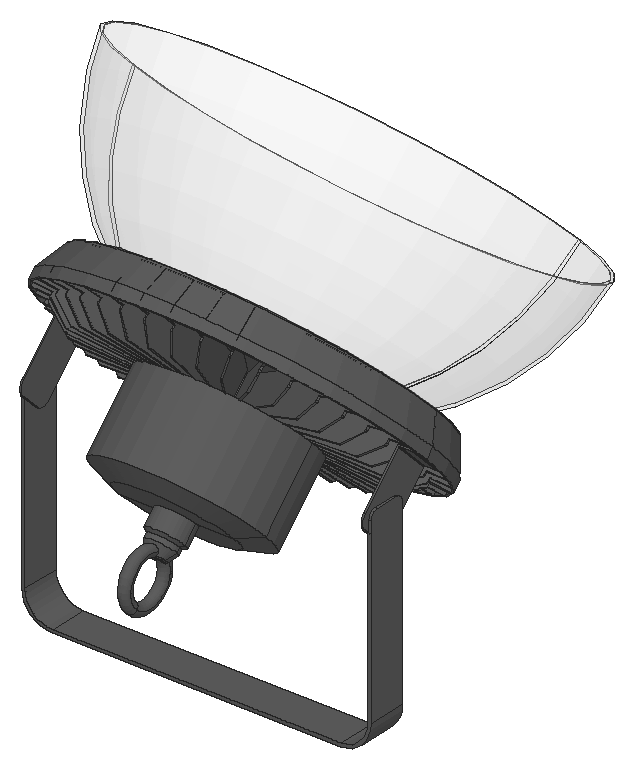
Revit family "0039364+0039355+0039361 Sylvania Lighting Fixture START HighBay IP65 DALI 26000lm 840 MB with BRACKET and PC LAMPSHADE TRANSPARENT FOR 26KLM", category Lighting Fixtures, host Face, Revit 2016
Family settings
  Host = Face
  Part Type = Normal
  Round Connector Dimension = Use Diameter
  OmniClass Number = 23.80.70.00
  OmniClass Title = Lighting
  Cut with Voids When Loaded = No
  Light Source = No
  Shared = No
  Room Calculation Point = No
Parameters (values of type "0039364+0039355+0039361  START HighBay IP65 DALI 26000lm 840 MB with BRACKET and PC LAMPSHADE TRANSPARENT FOR 26KLM")
  Weight = "3.7 kg"
  Wattage Comments = ""
  WarrantyStartDate [instance] = "n/a"
  WarrantyGuarantorParts = "n/a"
  WarrantyDurationUnit = "n/a"
  WarrantyDurationParts = "n/a"
  WarrantyDescription = "n/a"
  Voltage = 0 V
  URL = "http://www.sylvania-lighting.com"
  TypeName = "START HighBay IP65 DALI 26000lm 840 MB with BRACKET and PC LAMPSHADE TRANSPARENT FOR 26KLM"
  TypeHead_FEILO = Start LED Highbay DALI Head : 0039364+0039355+0039361 START HighBay IP65 DALI 26000lm 840 MB with BRACKET and PC LAMPSHADE TRANSPARENT FOR 26KLM
  Type Image = <None>
  Type Comments = "n/a"
  TiltAngle_FEILO [instance] = 45.00°
  ThicknessBracketPlate_FEILO = 3 mm
  SizeBracketS_FEILO = no
  SizeBracketM_FEILO = no
  SerialNumber [instance] = "n/a"
  RadiusBracketTop_FEILO = 7 mm
  RadiusBendOut_FEILO = if(SizeBracketS_FEILO, 18 mm, if(SizeBracketM_FEILO, 24 mm, 28 mm))  # 28 mm
  RadiusBendIn_FEILO = RadiusBendOut_FEILO - ThicknessBracketPlate_FEILO  # 25 mm
  Material_3_FEILO = none
  PowerFactor = 0.95
  PowerConsumption = "190 W"
  NominalLength = 339 mm
  NominalHeight = 189 mm
  NominalDepth = 339 mm
  Name = "START HighBay IP65 DALI 26000lm 840 MB with BRACKET and PC LAMPSHADE TRANSPARENT FOR 26KLM"
  ModelReference = Name  # "START HighBay IP65 DALI 26000lm 840 MB with BRACKET and PC LAMPSHADE TRANSPARENT FOR 26KLM"
  ModelNumber = "0039364+0039355+0039361"
  Model = Name  # "START HighBay IP65 DALI 26000lm 840 MB with BRACKET and PC LAMPSHADE TRANSPARENT FOR 26KLM"
  Material = "aluminium alloy housing, polycarbonate diffuser"
  ManufacturerName = "Feilo Sylvania"
  Manufacturer = "Feilo Sylvania"
  LuminousEfficacy = "130 lm/W"
  LuminaireType = ""
  LightOutputRatio = "n/a"
  LampsType = Lamp  # "LED"
  LampNominalLuminous = "24700 lm"
  LampMacAdamStep = "6"
  LampColourTemperature = "4000 K"
  LampColourRenderingIndex = "80"
  Lamp = "LED"
  Keynote = "16500"
  InstallationDate [instance] = "n/a"
  InputVoltage = "n/a"
  InputNominalFrequency = "50/60 Hz"
  IngressProtection = "IP65"
  ImpactProtectionIndex = "IK08"
  IfcExportType = "IfcLightFixtureType"
  IfcExportAs = "IfcLightFixtureType"
  ExpectedLife = 50000
  EndAngle_FEILO [instance] = TiltAngle_FEILO + 180.00°  # 225.00°
  ElectricShockClassification = "Class I"
  DurationUnit = "hours"
  DocumentationLiterature = "http://www.sylvania-lighting.com/product/en-int/products/0039364"
  DimmingControlOptions = "Dimmable"
  Material_2_FEILO = none
  Description = "START Highbay, includes 1 m cables, black aluminium housing, 24,700 Lm, 190 W, 130 Lm/W, 4000 K, drive current: 4100 mA, CRI 80, 60° beam angle, DALI dimmable, IP65, IK08, 50,000 hrs (L80/B50), (D x H) 339 x 189 mm."
  Default Elevation = 1219.2 mm
  CreatedOn = "5/15/2018"
  CreatedBy = "aron.fodor@sylvania-lighting.com"
  Cost = 0
  built-in parameter 1114216 [instance] = (empty or 0)
  ClassificationValue = "EF_70_80"
  ClassificationName = "Uniclass2015"
  Material_1_FEILO = Body-Sylvania-StartHighbay-Black
  BracketHeight_FEILO = if(SizeBracketS_FEILO, 199.5 mm, if(SizeBracketM_FEILO, 209.6 mm, 201.3 mm))  # 201.3 mm
  BracketDistanceInner_FEILO = if(SizeBracketS_FEILO, 249.4 mm, if(SizeBracketM_FEILO, 273.6 mm, 313.2 mm))  # 313.2 mm
  BarCode [instance] = "n/a"
  AssetType = "Fixed"
  AssetIdentifier [instance] = "n/a"
  Assembly Code = "D5020200"
  Apparent Load = 190 VA
  Material_4_FEILO = none
Reference planes
  plane 1 "Center (Front/Back)": y = 0
  plane 2: z = 0
  plane 3 "Center (Left/Right)": x = 0
  plane 4: x = -159.6
  plane 5: x = 159.6
  plane 6: z = 201.3
  plane 7: x = -156.6
  plane 8: z = 3
  plane 9: x = 156.6
  plane 10: y = 17.5
  plane 11: y = -17.5
  plane 12: y = -19.5
  plane 13: z = 203.3
  plane 14: y = 19.5
  plane 15: z = 192.3
Forms (mm)
  Extrusion 1, solid, material "Body-Sylvania-StartHighbay-Black" <- "Material_1_FEILO"
    sketch origin (0, 0, 0) x (1, 0, 0) y (0, 0, 1)
      loop
        line (-159.6, 201.3) -> (-159.6, 28)
        arc (-159.6, 28) -> (-151.399, 8.201) -> (-131.6, 0) r 28
        line (-131.6, 0) -> (131.6, 0)
        arc (131.6, 0) -> (151.399, 8.201) -> (159.6, 28) r 28
        line (159.6, 28) -> (159.6, 201.3) -> (156.6, 201.3) -> (156.6, 28)
        arc (156.6, 28) -> (149.278, 10.322) -> (131.6, 3) r 25
        line (131.6, 3) -> (-131.6, 3)
        arc (-131.6, 3) -> (-149.278, 10.322) -> (-156.6, 28) r 25
        line (-156.6, 28) -> (-156.6, 201.3) -> (-159.6, 201.3)
    from -17.5 to 17.5
  Extrusion 2, void
    sketch origin (0, 0, 0) x (0, 1, 0) y (0, 0, 1)
      loop
        arc (10.5, 201.3) -> (15.45, 199.25) -> (17.5, 194.3) r 7
        line (17.5, 194.3) -> (19.5, 194.3) -> (19.5, 203.3) -> (-19.5, 203.3) -> (-19.5, 194.3) -> (-17.5, 194.3)
        arc (-17.5, 194.3) -> (-15.45, 199.25) -> (-10.5, 201.3) r 7
        line (-10.5, 201.3) -> (10.5, 201.3)
    from -159.6 to 159.6
  Revolve 3, solid, not visible
    sketch origin (1223.4, -4572, 192.3) x (0, -1, 0) y (1, 0, 0)
      loop
        line (-4572, -1223.4) -> (-4591.5, -1223.4) -> (-4591.5, -1277.783) -> (-4572, -1277.783) -> (-4572, -1223.4)
      axis (-4572, -1223.4) -> (-4572, -1277.783)
    angle from 45 <- "TiltAngle_FEILO" to 225 <- "EndAngle_FEILO"
Cuts and joins
  Extrusion 2 cuts Extrusion 1
Dimensions and locks
  "BracketHeight_FEILO": plane 6 to plane 2
  equal spacing: plane 11, plane 1 "Center (Front/Back)", plane 10
  locked: plane 11 to plane 10 at 35
  equal spacing: plane 9, plane 3 "Center (Left/Right)", plane 7
  "BracketDistanceInner_FEILO": plane 9 to plane 7
  "ThicknessBracketPlate_FEILO": plane 7 to plane 4
  "ThicknessBracketPlate_FEILO": plane 8 to plane 2
  equal spacing: plane 5, plane 3 "Center (Left/Right)", plane 4
  equal spacing: plane 12, plane 1 "Center (Front/Back)", plane 14
  locked: plane 6 to plane 13 at 2
  locked: plane 12 to plane 11 at 2
  locked: plane 6 to plane 15 at 9
  "RadiusBendOut_FEILO": radius of Extrusion 1 sketch curve  (x2)
  "RadiusBendIn_FEILO": radius of Extrusion 1 sketch curve  (x2)
  "RadiusBracketTop_FEILO": radius of Extrusion 2 sketch curve  (x2)
  aligned and locked: plane 2 to host face
  aligned and locked: level to host face
  aligned and locked: Extrusion 1 sketch curve to plane 4
  aligned and locked: Extrusion 1 sketch curve to level
  aligned and locked: plane 6 to Extrusion 1 sketch curve
  aligned and locked: Extrusion 1 sketch curve to plane 6
  aligned and locked: Extrusion 1 sketch curve to plane 7
  aligned and locked: plane 9 to Extrusion 1 sketch curve
  aligned and locked: plane 8 to Extrusion 1 sketch curve
  aligned and locked: Extrusion 1 to plane 10
  aligned and locked: plane 11 to Extrusion 1
  aligned and locked: Extrusion 1 to Extrusion 2 sketch curve
  aligned and locked: plane 14 to Extrusion 2 sketch curve  (x2)
  aligned and locked: Extrusion 2 sketch curve to plane 12
  aligned and locked: plane 13 to Extrusion 2 sketch curve
  aligned and locked: plane 5 to Extrusion 2
  aligned and locked: Extrusion 2 to plane 4
  aligned and locked: Revolve 3 sketch curve to plane 1 "Center (Front/Back)"
  aligned and locked: Revolve 3 sketch curve to Revolve 3 sketch curve
  aligned and locked: plane 3 "Center (Left/Right)" to Revolve 3 sketch curve
  aligned and locked: Revolve 3 sketch curve to plane 14
  aligned and locked: nested 1 to plane 3 "Center (Left/Right)"
Automatic sketch dimensions
  host sketch curve to host sketch curve = 2438.4 mm  (x2)
  Revolve 3 sketch curve to Revolve 3 sketch curve = 54.383 mm
  Revolve 3 sketch curve to plane 4 = 1396.3 mm
  plane 5 to Revolve 3 sketch curve = 1396.3 mm
  Extrusion 1 sketch curve to Extrusion 1 sketch curve = 0 mm
  Extrusion 2 sketch curve to plane 11 = 0 mm
  Extrusion 2 sketch curve to plane 10 = 0 mm
Nested families
  nested 1: "Start LED Highbay DALI Head" at (0, 0, 192.3) x (-1, 0, 0) z (0, 0.7071, 0.7071), type <- "TypeHead_FEILO", type "0039364+0039355+0039361 START HighBay IP65 DALI 26000lm 840 MB with BRACKET and PC LAMPSHADE TRANSPARENT FOR 26KLM"
    with built-in parameter 1114216 (empty or 0)
Connectors
  electrical at (0, 0, 0), driven by "Apparent Load", driven by "PowerFactor", driven by "Voltage"
    settings: index 1, voltage 0 V, apparent load 190 VA, apparent load phase1 0 VA, apparent load phase2 0 VA, apparent load phase3 0 VA, power factor 0.95, load classification "Lighting", number of poles 1, system type 30, power factor state 1, is connector primary yes, connector utility no, sub classification motor no, connector description ""
Definition of nested family "Start LED Highbay DALI Head"
  Parameters (values of type "0039367+0039355+0039361 START HighBay IP65 DALI 26000lm 840 WB with BRACKET and PC LAMPSHADE TRANSPARENT FOR 26KLM")
    X_FEILO = if(SizeS_FEILO, 60.3 mm, if(SizeM_FEILO, 70.4 mm, 83.5 mm))  # 83.5 mm
    WidthStraight_FEILO = if(SizeS_FEILO, 3 mm, if(SizeM_FEILO, 4 mm, 4.7 mm))  # 4.7 mm
    WidthRingChamfer_FEILO = if(SizeS_FEILO, 10.3 mm, if(SizeM_FEILO, 11.2 mm, 12.9 mm))  # 12.9 mm
    WidthCurved_FEILO = if(SizeS_FEILO, 17.4 mm, if(SizeM_FEILO, 16.4 mm, 26.2 mm))  # 26.2 mm
    WidthCurvedRing_FEILO = if(SizeS_FEILO, 3 mm, if(SizeM_FEILO, 4 mm, 4.7 mm))  # 4.7 mm
    WidthBracket_FEILO = 40 mm
    Wattage Comments = ""
    Wattage = 190 W
    built-in parameter 1150110 = 1 (stored number, unit not read)
    URL = "http://www.sylvania-lighting.com"
    Type Image = (empty or 0)
    Type Comments = "n/a"
    built-in parameter 1114217 = 1 (stored number, unit not read)
    Tilt Angle = -90.00°
    ThicknessWall_FEILO = 1.5 mm
    ThicknessBracket_FEILO = 1.5 mm
    ThicknessBracketHalf_FEILO = ThicknessBracket_FEILO / 2  # 0.75 mm
    built-in parameter 1150109 = 1 (stored number, unit not read)
    built-in parameter 1150134 = 1
    built-in parameter 1150113 = 1 (stored number, unit not read)
    SizeS_FEILO = no
    SizeM_FEILO = no
    ShadeThickness_FEILO = 3 mm
    ShadeSizeSM_FEILO = or(SizeS_FEILO, SizeM_FEILO)  # no
    ShadeRadiusOut_FEILO = 205 mm
    ShadeRadiusIn_FEILO = if(ShadeSizeSM_FEILO, 95 mm, 121 mm)  # 121 mm
    ShadeRadiusBend_FEILO = if(ShadeSizeSM_FEILO, 210 mm, 210 mm)  # 210 mm
    ShadeOn_FEILO = yes
    ShadeHeight_FEILO = if(ShadeSizeSM_FEILO, 120 mm, 151 mm)  # 151 mm
    Rib4_FEILO = if(SizeS_FEILO, 18.1 mm, if(SizeM_FEILO, 13.6 mm, 14.6 mm))  # 14.6 mm
    Rib3_FEILO = if(SizeS_FEILO, 15.3 mm, if(SizeM_FEILO, 17.6 mm, 20.2 mm))  # 20.2 mm
    Rib2_FEILO = if(SizeS_FEILO, 3.6 mm, if(SizeM_FEILO, 3.9 mm, 4.5 mm))  # 4.5 mm
    Rib1_FEILO = if(SizeS_FEILO, 15.1 mm, if(SizeM_FEILO, 16.5 mm, 19 mm))  # 19 mm
    RadiusDiffuser_FEILO = if(SizeS_FEILO, 95.2 mm, if(SizeM_FEILO, 105.3 mm, 120 mm))  # 120 mm
    RadiusArrayPost_FEILO = DriverRadius_FEILO - 6 mm  # 70.4 mm
    RHRadius3_FEILO = if(SizeS_FEILO, 6.6 mm, if(SizeM_FEILO, 7.4 mm, 8.6 mm))  # 8.6 mm
    RHRadius2_FEILO = if(SizeS_FEILO, 11 mm, if(SizeM_FEILO, 12 mm, 14 mm))  # 14 mm
    RHRadius1_FEILO = if(SizeS_FEILO, 13.6 mm, if(SizeM_FEILO, 14.9 mm, 17.7 mm))  # 17.7 mm
    RHHeight4_FEILO = if(SizeS_FEILO, 7.3 mm, if(SizeM_FEILO, 8 mm, 9.2 mm))  # 9.2 mm
    RHHeight3_FEILO = if(SizeS_FEILO, 3.6 mm, if(SizeM_FEILO, 3.7 mm, 4.6 mm))  # 4.6 mm
    RHHeight2_FEILO = if(SizeS_FEILO, 2 mm, if(SizeM_FEILO, 2.2 mm, 2.6 mm))  # 2.6 mm
    RHHeight1_FEILO = if(SizeS_FEILO, 11.8 mm, if(SizeM_FEILO, 15.3 mm, 17.4 mm))  # 17.4 mm
    Photometric Web File = "0039367+0039361.ies"
    Material_5_FEILO = none
    Material_3_FEILO = none
    Model = "START HighBay IP65 DALI 26000lm 840 WB with BRACKET and PC LAMPSHADE TRANSPARENT FOR 26KLM"
    Manufacturer = "Feilo Sylvania"
    built-in parameter 1150105 = 33385.3 (stored number, unit not read)
    Lumens = 24700 lm
    built-in parameter 1150115 = 1 (stored number, unit not read)
    built-in parameter 1150137 = (empty or 0)
    built-in parameter 1150139 = (empty or 0)
    built-in parameter 1150112 = 1 (stored number, unit not read)
    built-in parameter 1150114 = 1 (stored number, unit not read)
    Lamp = "LED"
    Keynote = "16500"
    built-in parameter 1150132 = (empty or 0)
    built-in parameter 1150102 = (empty or 0)
    built-in parameter 1150107 = 6500 (stored number, unit not read)
    built-in parameter 1150138 = (empty or 0)
    built-in parameter 1150106 = 333.85 (stored number, unit not read)
    HeightRing_FEILO = if(SizeS_FEILO, 19.8 mm, if(SizeM_FEILO, 32 mm, 36.8 mm))  # 36.8 mm
    HeightRingChamfer_FEILO = if(SizeS_FEILO, 11.7 mm, if(SizeM_FEILO, 23.2 mm, 26.6 mm))  # 26.6 mm
    EyeThickness_FEILO = if(SizeS_FEILO, 8.4 mm, if(SizeM_FEILO, 9.2 mm, 10.5 mm))  # 10.5 mm
    EyeThicknessHalf_FEILO = EyeThickness_FEILO / 2  # 5.25 mm
    EyeInner_FEILO = if(SizeS_FEILO, 13.8 mm, if(SizeM_FEILO, 15.1 mm, 17.3 mm))  # 17.3 mm
    Emit from Circle Diameter = RadiusDiffuser_FEILO * 2  # 240 mm
    Emit Shape Visible in Rendering = no
    built-in parameter 1150104 = 12.077 (stored number, unit not read)
    DriverVerticalStraight_FEILO = if(SizeS_FEILO, 46.5 mm, if(SizeM_FEILO, 49.7 mm, 57 mm))  # 57 mm
    DriverVerticalChamfer_FEILO = if(SizeS_FEILO, 7.5 mm, if(SizeM_FEILO, 8.2 mm, 9.5 mm))  # 9.5 mm
    DriverRadius_FEILO = if(SizeS_FEILO, 61.4 mm, if(SizeM_FEILO, 67.2 mm, 76.4 mm))  # 76.4 mm
    DriverRadiusTop_FEILO = if(SizeS_FEILO, 42 mm, if(SizeM_FEILO, 45.3 mm, 52.4 mm))  # 52.4 mm
    DriverBottom_FEILO = if(SizeS_FEILO, 56 mm, if(SizeM_FEILO, 64.5 mm, 74 mm))  # 74 mm
    Material_2_FEILO = none
    Radius_FEILO = if(SizeS_FEILO, 135 mm, if(SizeM_FEILO, 148 mm, 169.5 mm))  # 169.5 mm
    Dimming Lamp Color Temperature Shift = (empty or 0)
    DiameterWire_FEILO = 3 mm
    DiameterWireSupport_FEILO = 10 mm
    Description = "START Highbay, includes 1 m cables, black aluminium housing, 24,700 Lm, 190 W, 130 Lm/W, 6500 K, drive current: 4100 mA, CRI 80, 90° beam angle, DALI dimmable, IP65, IK08, 50,000 hrs (L80/B50), (D x H) 339 x 189 mm."
    Default Elevation = 1219.2 mm
    Cost = 0
    Color Filter = 16777215
    built-in parameter 1114216 [instance] = (empty or 0)
    Material_1_FEILO = none
    built-in parameter 1114218 = 1 (stored number, unit not read)
    built-in parameter 1150133 = 10 (stored number, unit not read)
    Assembly Code = "D5020200"
    Apparent Load = 190 VA
    Material_4_FEILO = none
  Types (24, lengths in mm): name | X_FEILO | WidthStraight_FEILO | WidthRingChamfer_FEILO | WidthCurved_FEILO | WidthCurvedRing_FEILO | Wattage | built-in parameter 1150134 | SizeS_FEILO | SizeM_FEILO | ShadeSizeSM_FEILO | ShadeRadiusIn_FEILO | ShadeOn_FEILO | ShadeHeight_FEILO | Rib4_FEILO | Rib3_FEILO | Rib2_FEILO | Rib1_FEILO | RadiusDiffuser_FEILO | RadiusArrayPost_FEILO | RHRadius3_FEILO | RHRadius2_FEILO | RHRadius1_FEILO | RHHeight4_FEILO | RHHeight3_FEILO | RHHeight2_FEILO | RHHeight1_FEILO | Photometric Web File | Model | built-in parameter 1150105 | Lumens | built-in parameter 1150107 | built-in parameter 1150106 | HeightRing_FEILO | HeightRingChamfer_FEILO | EyeThickness_FEILO | EyeThicknessHalf_FEILO | EyeInner_FEILO | Emit from Circle Diameter | DriverVerticalStraight_FEILO | DriverVerticalChamfer_FEILO | DriverRadius_FEILO | DriverRadiusTop_FEILO | DriverBottom_FEILO | Radius_FEILO | Description | Apparent Load
    0039367+0039355+0039361 START HighBay IP65 DALI 26000lm 840 WB with BRACKET and PC LAMPSHADE TRANSPARENT FOR 26KLM | 83.5 | 4.7 | 12.9 | 26.2 | 4.7 | 190 W | 1 | no | no | no | 121 | yes | 151 | 14.6 | 20.2 | 4.5 | 19 | 120 | 70.4 | 8.6 | 14 | 17.7 | 9.2 | 4.6 | 2.6 | 17.4 | "0039367+0039361.ies" | "START HighBay IP65 DALI 26000lm 840 WB with BRACKET and PC LAMPSHADE TRANSPARENT FOR 26KLM" | 33385.3 (stored number, unit not read) | 24700 lm | 6500 (stored number, unit not read) | 333.85 (stored number, unit not read) | 36.8 | 26.6 | 10.5 | 5.25 | 17.3 | 240 | 57 | 9.5 | 76.4 | 52.4 | 74 | 169.5 | "START Highbay, includes 1 m cables, black aluminium housing, 24,700 Lm, 190 W, 130 Lm/W, 6500 K, drive current: 4100 mA, CRI 80, 90° beam angle, DALI dimmable, IP65, IK08, 50,000 hrs (L80/B50), (D x H) 339 x 189 mm." | 190 VA
    0039367+0039355+0039360 START HighBay IP65 DALI 26000lm 840 WB with BRACKET and ALU SHADE BLACK COLOR FOR 26KLM | 83.5 | 4.7 | 12.9 | 26.2 | 4.7 | 190 W | 1 | no | no | no | 121 | yes | 151 | 14.6 | 20.2 | 4.5 | 19 | 120 | 70.4 | 8.6 | 14 | 17.7 | 9.2 | 4.6 | 2.6 | 17.4 | "0039367+0039360.ies" | "START HighBay IP65 DALI 26000lm 840 WB with BRACKET and ALU SHADE BLACK COLOR FOR 26KLM" | 33569.2 (stored number, unit not read) | 24700 lm | 6500 (stored number, unit not read) | 335.69 (stored number, unit not read) | 36.8 | 26.6 | 10.5 | 5.25 | 17.3 | 240 | 57 | 9.5 | 76.4 | 52.4 | 74 | 169.5 | "START Highbay, includes 1 m cables, black aluminium housing, 24,700 Lm, 190 W, 130 Lm/W, 6500 K, drive current: 4100 mA, CRI 80, 90° beam angle, DALI dimmable, IP65, IK08, 50,000 hrs (L80/B50), (D x H) 339 x 189 mm." | 190 VA
    0039367+0039355+0039359 START HighBay IP65 DALI 26000lm 840 WB with BRACKET and ALU SHADE ALU COLOR FOR 26KLM | 83.5 | 4.7 | 12.9 | 26.2 | 4.7 | 190 W | 1 | no | no | no | 121 | yes | 151 | 14.6 | 20.2 | 4.5 | 19 | 120 | 70.4 | 8.6 | 14 | 17.7 | 9.2 | 4.6 | 2.6 | 17.4 | "0039367+0039359.ies" | "START HighBay IP65 DALI 26000lm 840 WB with BRACKET and ALU SHADE ALU COLOR FOR 26KLM" | 33569.2 (stored number, unit not read) | 24700 lm | 6500 (stored number, unit not read) | 335.69 (stored number, unit not read) | 36.8 | 26.6 | 10.5 | 5.25 | 17.3 | 240 | 57 | 9.5 | 76.4 | 52.4 | 74 | 169.5 | "START Highbay, includes 1 m cables, black aluminium housing, 24,700 Lm, 190 W, 130 Lm/W, 6500 K, drive current: 4100 mA, CRI 80, 90° beam angle, DALI dimmable, IP65, IK08, 50,000 hrs (L80/B50), (D x H) 339 x 189 mm." | 190 VA
    0039367+0039355 START HighBay IP65 DALI 26000lm 840 WB with BRACKET | 83.5 | 4.7 | 12.9 | 26.2 | 4.7 | 190 W | 1 | no | no | no | 121 | no | 151 | 14.6 | 20.2 | 4.5 | 19 | 120 | 70.4 | 8.6 | 14 | 17.7 | 9.2 | 4.6 | 2.6 | 17.4 | "0039367.ies" | "START HighBay IP65 DALI 26000lm 840 WB with BRACKET" | 13532 (stored number, unit not read) | 24700 lm | 6500 (stored number, unit not read) | 135.32 (stored number, unit not read) | 36.8 | 26.6 | 10.5 | 5.25 | 17.3 | 240 | 57 | 9.5 | 76.4 | 52.4 | 74 | 169.5 | "START Highbay, includes 1 m cables, black aluminium housing, 24,700 Lm, 190 W, 130 Lm/W, 6500 K, drive current: 4100 mA, CRI 80, 90° beam angle, DALI dimmable, IP65, IK08, 50,000 hrs (L80/B50), (D x H) 339 x 189 mm." | 190 VA
    0039366+0039354+0039358 START HighBay IP65 DALI 19000lm 840 WB with BRACKET and PC LAMPSHADE TRANSPARENT 13/19KLM | 70.4 | 4 | 11.2 | 16.4 | 4 | 150 W | 1 | no | yes | yes | 95 | yes | 120 | 13.6 | 17.6 | 3.9 | 16.5 | 105.3 | 61.2 | 7.4 | 12 | 14.9 | 8 | 3.7 | 2.2 | 15.3 | "0039366+0039358.ies" | "START HighBay IP65 DALI 19000lm 840 WB with BRACKET and PC LAMPSHADE TRANSPARENT 13/19KLM" | 26356.9 (stored number, unit not read) | 19500 lm | 6500 (stored number, unit not read) | 263.57 (stored number, unit not read) | 32 | 23.2 | 9.2 | 4.6 | 15.1 | 210.6 | 49.7 | 8.2 | 67.2 | 45.3 | 64.5 | 148 | "START Highbay, includes 1 m cables, black aluminium housing, 19,500 Lm, 150 W, 130 Lm/W, 6500 K, drive current: 3300 mA, CRI 80, 90° beam angle, DALI dimmable, IP65, IK08, 50,000 hrs (L80/B50), (D x H) 296 x 172 mm." | 150 VA
    0039366+0039354+0039357 START HighBay IP65 DALI 19000lm 840 WB with BRACKET and ALU SHADE BLACK COLOR FOR 13/19KLM | 70.4 | 4 | 11.2 | 16.4 | 4 | 150 W | 1 | no | yes | yes | 95 | yes | 120 | 13.6 | 17.6 | 3.9 | 16.5 | 105.3 | 61.2 | 7.4 | 12 | 14.9 | 8 | 3.7 | 2.2 | 15.3 | "0039366+0039357.ies" | "START HighBay IP65 DALI 19000lm 840 WB with BRACKET and ALU SHADE BLACK COLOR FOR 13/19KLM" | 26502 (stored number, unit not read) | 19500 lm | 6500 (stored number, unit not read) | 265.02 (stored number, unit not read) | 32 | 23.2 | 9.2 | 4.6 | 15.1 | 210.6 | 49.7 | 8.2 | 67.2 | 45.3 | 64.5 | 148 | "START Highbay, includes 1 m cables, black aluminium housing, 19,500 Lm, 150 W, 130 Lm/W, 6500 K, drive current: 3300 mA, CRI 80, 90° beam angle, DALI dimmable, IP65, IK08, 50,000 hrs (L80/B50), (D x H) 296 x 172 mm." | 150 VA
    0039366+0039354+0039356 START HighBay IP65 DALI 19000lm 840 WB with BRACKET and ALU SHADE ALU COLOR FOR 13/19KLM | 70.4 | 4 | 11.2 | 16.4 | 4 | 150 W | 1 | no | yes | yes | 95 | yes | 120 | 13.6 | 17.6 | 3.9 | 16.5 | 105.3 | 61.2 | 7.4 | 12 | 14.9 | 8 | 3.7 | 2.2 | 15.3 | "0039366+0039356.ies" | "START HighBay IP65 DALI 19000lm 840 WB with BRACKET and ALU SHADE ALU COLOR FOR 13/19KLM" | 26502 (stored number, unit not read) | 19500 lm | 6500 (stored number, unit not read) | 265.02 (stored number, unit not read) | 32 | 23.2 | 9.2 | 4.6 | 15.1 | 210.6 | 49.7 | 8.2 | 67.2 | 45.3 | 64.5 | 148 | "START Highbay, includes 1 m cables, black aluminium housing, 19,500 Lm, 150 W, 130 Lm/W, 6500 K, drive current: 3300 mA, CRI 80, 90° beam angle, DALI dimmable, IP65, IK08, 50,000 hrs (L80/B50), (D x H) 296 x 172 mm." | 150 VA
    0039366+0039354 START HighBay IP65 DALI 19000lm 840 WB with BRACKET | 70.4 | 4 | 11.2 | 16.4 | 4 | 150 W | 1 | no | yes | yes | 95 | no | 120 | 13.6 | 17.6 | 3.9 | 16.5 | 105.3 | 61.2 | 7.4 | 12 | 14.9 | 8 | 3.7 | 2.2 | 15.3 | "0039366.ies" | "START HighBay IP65 DALI 19000lm 840 WB with BRACKET" | 10981.5 (stored number, unit not read) | 19500 lm | 6500 (stored number, unit not read) | 109.82 (stored number, unit not read) | 32 | 23.2 | 9.2 | 4.6 | 15.1 | 210.6 | 49.7 | 8.2 | 67.2 | 45.3 | 64.5 | 148 | "START Highbay, includes 1 m cables, black aluminium housing, 19,500 Lm, 150 W, 130 Lm/W, 6500 K, drive current: 3300 mA, CRI 80, 90° beam angle, DALI dimmable, IP65, IK08, 50,000 hrs (L80/B50), (D x H) 296 x 172 mm." | 150 VA
    0039365+0039353+0039358 START HighBay IP65 DALI 13000lm 840 WB with BRACKET and PC LAMPSHADE TRANSPARENT 13/19KLM | 60.3 | 3 | 10.3 | 17.4 | 3 | 90 W | 1 | yes | no | yes | 95 | yes | 120 | 18.1 | 15.3 | 3.6 | 15.1 | 95.2 | 55.4 | 6.6 | 11 | 13.6 | 7.3 | 3.6 | 2 | 11.8 | "0039365+0039358.ies" | "START HighBay IP65 DALI 13000lm 840 WB with BRACKET and PC LAMPSHADE TRANSPARENT 13/19KLM" | 15814.1 (stored number, unit not read) | 11700 lm | 6500 (stored number, unit not read) | 158.14 (stored number, unit not read) | 19.8 | 11.7 | 8.4 | 4.2 | 13.8 | 190.4 | 46.5 | 7.5 | 61.4 | 42 | 56 | 135 | "START Highbay, includes 1 m cables, black aluminium housing, 11,700 Lm, 90 W, 130 Lm/W, 6500 K, drive current: 2000 mA, CRI 80, 90° beam angle, DALI dimmable, IP65, IK08, 50,000 hrs (L80/B50), (D x H) 270 x 175 mm." | 90 VA
    0039365+0039353+0039357 START HighBay IP65 DALI 13000lm 840 WB with BRACKET and ALU SHADE BLACK COLOR FOR 13/19KLM | 60.3 | 3 | 10.3 | 17.4 | 3 | 90 W | 1 | yes | no | yes | 95 | yes | 120 | 18.1 | 15.3 | 3.6 | 15.1 | 95.2 | 55.4 | 6.6 | 11 | 13.6 | 7.3 | 3.6 | 2 | 11.8 | "0039365+0039357.ies" | "START HighBay IP65 DALI 13000lm 840 WB with BRACKET and ALU SHADE BLACK COLOR FOR 13/19KLM" | 15901.2 (stored number, unit not read) | 11700 lm | 6500 (stored number, unit not read) | 159.01 (stored number, unit not read) | 19.8 | 11.7 | 8.4 | 4.2 | 13.8 | 190.4 | 46.5 | 7.5 | 61.4 | 42 | 56 | 135 | "START Highbay, includes 1 m cables, black aluminium housing, 11,700 Lm, 90 W, 130 Lm/W, 6500 K, drive current: 2000 mA, CRI 80, 90° beam angle, DALI dimmable, IP65, IK08, 50,000 hrs (L80/B50), (D x H) 270 x 175 mm." | 90 VA
    0039365+0039353+0039356 START HighBay IP65 DALI 13000lm 840 WB with BRACKET and ALU SHADE ALU COLOR FOR 13/19KLM | 60.3 | 3 | 10.3 | 17.4 | 3 | 90 W | 1 | yes | no | yes | 95 | yes | 120 | 18.1 | 15.3 | 3.6 | 15.1 | 95.2 | 55.4 | 6.6 | 11 | 13.6 | 7.3 | 3.6 | 2 | 11.8 | "0039365+0039356.ies" | "START HighBay IP65 DALI 13000lm 840 WB with BRACKET and ALU SHADE ALU COLOR FOR 13/19KLM" | 15901.2 (stored number, unit not read) | 11700 lm | 6500 (stored number, unit not read) | 159.01 (stored number, unit not read) | 19.8 | 11.7 | 8.4 | 4.2 | 13.8 | 190.4 | 46.5 | 7.5 | 61.4 | 42 | 56 | 135 | "START Highbay, includes 1 m cables, black aluminium housing, 11,700 Lm, 90 W, 130 Lm/W, 6500 K, drive current: 2000 mA, CRI 80, 90° beam angle, DALI dimmable, IP65, IK08, 50,000 hrs (L80/B50), (D x H) 270 x 175 mm." | 90 VA
    0039365+0039353 START HighBay IP65 DALI 13000lm 840 WB with BRACKET | 60.3 | 3 | 10.3 | 17.4 | 3 | 90 W | 1 | yes | no | yes | 95 | no | 120 | 18.1 | 15.3 | 3.6 | 15.1 | 95.2 | 55.4 | 6.6 | 11 | 13.6 | 7.3 | 3.6 | 2 | 11.8 | "0039365.ies" | "START HighBay IP65 DALI 13000lm 840 WB with BRACKET" | 6365.5 (stored number, unit not read) | 11700 lm | 6500 (stored number, unit not read) | 63.655 (stored number, unit not read) | 19.8 | 11.7 | 8.4 | 4.2 | 13.8 | 190.4 | 46.5 | 7.5 | 61.4 | 42 | 56 | 135 | "START Highbay, includes 1 m cables, black aluminium housing, 11,700 Lm, 90 W, 130 Lm/W, 6500 K, drive current: 2000 mA, CRI 80, 90° beam angle, DALI dimmable, IP65, IK08, 50,000 hrs (L80/B50), (D x H) 270 x 175 mm." | 90 VA
    0039364+0039355+0039361 START HighBay IP65 DALI 26000lm 840 MB with BRACKET and PC LAMPSHADE TRANSPARENT FOR 26KLM | 83.5 | 4.7 | 12.9 | 26.2 | 4.7 | 190 W | 12 | no | no | no | 121 | yes | 151 | 14.6 | 20.2 | 4.5 | 19 | 120 | 70.4 | 8.6 | 14 | 17.7 | 9.2 | 4.6 | 2.6 | 17.4 | "0039364+0039361.ies" | "START HighBay IP65 DALI 26000lm 840 MB with BRACKET and PC LAMPSHADE TRANSPARENT FOR 26KLM" | 33385.3 (stored number, unit not read) | 24700 lm | 4000 (stored number, unit not read) | 333.85 (stored number, unit not read) | 36.8 | 26.6 | 10.5 | 5.25 | 17.3 | 240 | 57 | 9.5 | 76.4 | 52.4 | 74 | 169.5 | "START Highbay, includes 1 m cables, black aluminium housing, 24,700 Lm, 190 W, 130 Lm/W, 4000 K, drive current: 4100 mA, CRI 80, 60° beam angle, DALI dimmable, IP65, IK08, 50,000 hrs (L80/B50), (D x H) 339 x 189 mm." | 190 VA
    0039364+0039355+0039360 START HighBay IP65 DALI 26000lm 840 MB with BRACKET and ALU SHADE BLACK COLOR FOR 26KLM | 83.5 | 4.7 | 12.9 | 26.2 | 4.7 | 190 W | 12 | no | no | no | 121 | yes | 151 | 14.6 | 20.2 | 4.5 | 19 | 120 | 70.4 | 8.6 | 14 | 17.7 | 9.2 | 4.6 | 2.6 | 17.4 | "0039364+0039360.ies" | "START HighBay IP65 DALI 26000lm 840 MB with BRACKET and ALU SHADE BLACK COLOR FOR 26KLM" | 33569.2 (stored number, unit not read) | 24700 lm | 4000 (stored number, unit not read) | 335.69 (stored number, unit not read) | 36.8 | 26.6 | 10.5 | 5.25 | 17.3 | 240 | 57 | 9.5 | 76.4 | 52.4 | 74 | 169.5 | "START Highbay, includes 1 m cables, black aluminium housing, 24,700 Lm, 190 W, 130 Lm/W, 4000 K, drive current: 4100 mA, CRI 80, 60° beam angle, DALI dimmable, IP65, IK08, 50,000 hrs (L80/B50), (D x H) 339 x 189 mm." | 190 VA
    0039364+0039355+0039359 START HighBay IP65 DALI 26000lm 840 MB with BRACKET and ALU SHADE ALU COLOR FOR 26KLM | 83.5 | 4.7 | 12.9 | 26.2 | 4.7 | 190 W | 12 | no | no | no | 121 | yes | 151 | 14.6 | 20.2 | 4.5 | 19 | 120 | 70.4 | 8.6 | 14 | 17.7 | 9.2 | 4.6 | 2.6 | 17.4 | "0039364+0039359.ies" | "START HighBay IP65 DALI 26000lm 840 MB with BRACKET and ALU SHADE ALU COLOR FOR 26KLM" | 33569.2 (stored number, unit not read) | 24700 lm | 4000 (stored number, unit not read) | 335.69 (stored number, unit not read) | 36.8 | 26.6 | 10.5 | 5.25 | 17.3 | 240 | 57 | 9.5 | 76.4 | 52.4 | 74 | 169.5 | "START Highbay, includes 1 m cables, black aluminium housing, 24,700 Lm, 190 W, 130 Lm/W, 4000 K, drive current: 4100 mA, CRI 80, 60° beam angle, DALI dimmable, IP65, IK08, 50,000 hrs (L80/B50), (D x H) 339 x 189 mm." | 190 VA
    0039364+0039355 START HighBay IP65 DALI 26000lm 840 MB with BRACKET | 83.5 | 4.7 | 12.9 | 26.2 | 4.7 | 190 W | 12 | no | no | no | 121 | no | 151 | 14.6 | 20.2 | 4.5 | 19 | 120 | 70.4 | 8.6 | 14 | 17.7 | 9.2 | 4.6 | 2.6 | 17.4 | "0039364.ies" | "START HighBay IP65 DALI 26000lm 840 MB with BRACKET" | 26901.8 (stored number, unit not read) | 24700 lm | 4000 (stored number, unit not read) | 269.02 (stored number, unit not read) | 36.8 | 26.6 | 10.5 | 5.25 | 17.3 | 240 | 57 | 9.5 | 76.4 | 52.4 | 74 | 169.5 | "START Highbay, includes 1 m cables, black aluminium housing, 24,700 Lm, 190 W, 130 Lm/W, 4000 K, drive current: 4100 mA, CRI 80, 60° beam angle, DALI dimmable, IP65, IK08, 50,000 hrs (L80/B50), (D x H) 339 x 189 mm." | 190 VA
    0039363+0039354+0039358 START HighBay IP65 DALI 19000lm 840 MB with BRACKET and PC LAMPSHADE TRANSPARENT 13/19KLM | 70.4 | 4 | 11.2 | 16.4 | 4 | 150 W | 12 | no | yes | yes | 95 | yes | 120 | 13.6 | 17.6 | 3.9 | 16.5 | 105.3 | 61.2 | 7.4 | 12 | 14.9 | 8 | 3.7 | 2.2 | 15.3 | "0039363+0039358.ies" | "START HighBay IP65 DALI 19000lm 840 MB with BRACKET and PC LAMPSHADE TRANSPARENT 13/19KLM" | 26356.9 (stored number, unit not read) | 19500 lm | 4000 (stored number, unit not read) | 263.57 (stored number, unit not read) | 32 | 23.2 | 9.2 | 4.6 | 15.1 | 210.6 | 49.7 | 8.2 | 67.2 | 45.3 | 64.5 | 148 | "START Highbay, includes 1 m cables, black aluminium housing, 19,500 Lm, 150 W, 130 Lm/W, 4000 K, drive current: 3300 mA, CRI 80, 60° beam angle, DALI dimmable, IP65, IK08, 50,000 hrs (L80/B50), (D x H) 296 x 172 mm." | 150 VA
    0039363+0039354+0039357 START HighBay IP65 DALI 19000lm 840 MB with BRACKET and ALU SHADE BLACK COLOR FOR 13/19KLM | 70.4 | 4 | 11.2 | 16.4 | 4 | 150 W | 12 | no | yes | yes | 95 | yes | 120 | 13.6 | 17.6 | 3.9 | 16.5 | 105.3 | 61.2 | 7.4 | 12 | 14.9 | 8 | 3.7 | 2.2 | 15.3 | "0039363+0039357.ies" | "START HighBay IP65 DALI 19000lm 840 MB with BRACKET and ALU SHADE BLACK COLOR FOR 13/19KLM" | 26502 (stored number, unit not read) | 19500 lm | 4000 (stored number, unit not read) | 265.02 (stored number, unit not read) | 32 | 23.2 | 9.2 | 4.6 | 15.1 | 210.6 | 49.7 | 8.2 | 67.2 | 45.3 | 64.5 | 148 | "START Highbay, includes 1 m cables, black aluminium housing, 19,500 Lm, 150 W, 130 Lm/W, 4000 K, drive current: 3300 mA, CRI 80, 60° beam angle, DALI dimmable, IP65, IK08, 50,000 hrs (L80/B50), (D x H) 296 x 172 mm." | 150 VA
    0039363+0039354+0039356 START HighBay IP65 DALI 19000lm 840 MB with BRACKET and ALU SHADE ALU COLOR FOR 13/19KLM | 70.4 | 4 | 11.2 | 16.4 | 4 | 150 W | 12 | no | yes | yes | 95 | yes | 120 | 13.6 | 17.6 | 3.9 | 16.5 | 105.3 | 61.2 | 7.4 | 12 | 14.9 | 8 | 3.7 | 2.2 | 15.3 | "0039363+0039356.ies" | "START HighBay IP65 DALI 19000lm 840 MB with BRACKET and ALU SHADE ALU COLOR FOR 13/19KLM" | 26502 (stored number, unit not read) | 19500 lm | 4000 (stored number, unit not read) | 265.02 (stored number, unit not read) | 32 | 23.2 | 9.2 | 4.6 | 15.1 | 210.6 | 49.7 | 8.2 | 67.2 | 45.3 | 64.5 | 148 | "START Highbay, includes 1 m cables, black aluminium housing, 19,500 Lm, 150 W, 130 Lm/W, 4000 K, drive current: 3300 mA, CRI 80, 60° beam angle, DALI dimmable, IP65, IK08, 50,000 hrs (L80/B50), (D x H) 296 x 172 mm." | 150 VA
    0039363+0039354 START HighBay IP65 DALI 19000lm 840 MB with BRACKET | 70.4 | 4 | 11.2 | 16.4 | 4 | 150 W | 12 | no | yes | yes | 95 | no | 120 | 13.6 | 17.6 | 3.9 | 16.5 | 105.3 | 61.2 | 7.4 | 12 | 14.9 | 8 | 3.7 | 2.2 | 15.3 | "0039363.ies" | "START HighBay IP65 DALI 19000lm 840 MB with BRACKET" | 22125.4 (stored number, unit not read) | 19500 lm | 4000 (stored number, unit not read) | 221.25 (stored number, unit not read) | 32 | 23.2 | 9.2 | 4.6 | 15.1 | 210.6 | 49.7 | 8.2 | 67.2 | 45.3 | 64.5 | 148 | "START Highbay, includes 1 m cables, black aluminium housing, 19,500 Lm, 150 W, 130 Lm/W, 4000 K, drive current: 3300 mA, CRI 80, 60° beam angle, DALI dimmable, IP65, IK08, 50,000 hrs (L80/B50), (D x H) 296 x 172 mm." | 150 VA
    0039362+0039353+0039358 START HighBay IP65 DALI 13000lm 840 MB with BRACKET and PC LAMPSHADE TRANSPARENT 13/19KLM | 60.3 | 3 | 10.3 | 17.4 | 3 | 90 W | 12 | yes | no | yes | 95 | yes | 120 | 18.1 | 15.3 | 3.6 | 15.1 | 95.2 | 55.4 | 6.6 | 11 | 13.6 | 7.3 | 3.6 | 2 | 11.8 | "0039362+0039358.ies" | "START HighBay IP65 DALI 13000lm 840 MB with BRACKET and PC LAMPSHADE TRANSPARENT 13/19KLM" | 15814.1 (stored number, unit not read) | 11700 lm | 4000 (stored number, unit not read) | 158.14 (stored number, unit not read) | 19.8 | 11.7 | 8.4 | 4.2 | 13.8 | 190.4 | 46.5 | 7.5 | 61.4 | 42 | 56 | 135 | "START Highbay, includes 1 m cables, black aluminium housing, 11,700 Lm, 90 W, 130 Lm/W, 4000 K, drive current: 2000 mA, CRI 80, 60° beam angle, DALI dimmable, IP65, IK08, 50,000 hrs (L80/B50), (D x H) 270 x 175 mm." | 90 VA
    0039362+0039353+0039357 START HighBay IP65 DALI 13000lm 840 MB with BRACKET and ALU SHADE BLACK COLOR FOR 13/19KLM | 60.3 | 3 | 10.3 | 17.4 | 3 | 90 W | 12 | yes | no | yes | 95 | yes | 120 | 18.1 | 15.3 | 3.6 | 15.1 | 95.2 | 55.4 | 6.6 | 11 | 13.6 | 7.3 | 3.6 | 2 | 11.8 | "0039362+0039357.ies" | "START HighBay IP65 DALI 13000lm 840 MB with BRACKET and ALU SHADE BLACK COLOR FOR 13/19KLM" | 15901.2 (stored number, unit not read) | 11700 lm | 4000 (stored number, unit not read) | 159.01 (stored number, unit not read) | 19.8 | 11.7 | 8.4 | 4.2 | 13.8 | 190.4 | 46.5 | 7.5 | 61.4 | 42 | 56 | 135 | "START Highbay, includes 1 m cables, black aluminium housing, 11,700 Lm, 90 W, 130 Lm/W, 4000 K, drive current: 2000 mA, CRI 80, 60° beam angle, DALI dimmable, IP65, IK08, 50,000 hrs (L80/B50), (D x H) 270 x 175 mm." | 90 VA
    0039362+0039353+0039356 START HighBay IP65 DALI 13000lm 840 MB with BRACKET and ALU SHADE ALU COLOR FOR 13/19KLM | 60.3 | 3 | 10.3 | 17.4 | 3 | 90 W | 12 | yes | no | yes | 95 | yes | 120 | 18.1 | 15.3 | 3.6 | 15.1 | 95.2 | 55.4 | 6.6 | 11 | 13.6 | 7.3 | 3.6 | 2 | 11.8 | "0039362+0039356.ies" | "START HighBay IP65 DALI 13000lm 840 MB with BRACKET and ALU SHADE ALU COLOR FOR 13/19KLM" | 15901.2 (stored number, unit not read) | 11700 lm | 4000 (stored number, unit not read) | 159.01 (stored number, unit not read) | 19.8 | 11.7 | 8.4 | 4.2 | 13.8 | 190.4 | 46.5 | 7.5 | 61.4 | 42 | 56 | 135 | "START Highbay, includes 1 m cables, black aluminium housing, 11,700 Lm, 90 W, 130 Lm/W, 4000 K, drive current: 2000 mA, CRI 80, 60° beam angle, DALI dimmable, IP65, IK08, 50,000 hrs (L80/B50), (D x H) 270 x 175 mm." | 90 VA
    0039362+0039353 START HighBay IP65 DALI 13000lm 840 MB with BRACKET | 60.3 | 3 | 10.3 | 17.4 | 3 | 90 W | 12 | yes | no | yes | 95 | no | 120 | 18.1 | 15.3 | 3.6 | 15.1 | 95.2 | 55.4 | 6.6 | 11 | 13.6 | 7.3 | 3.6 | 2 | 11.8 | "0039362.ies" | "START HighBay IP65 DALI 13000lm 840 MB with BRACKET" | 13336.9 (stored number, unit not read) | 11700 lm | 4000 (stored number, unit not read) | 133.37 (stored number, unit not read) | 19.8 | 11.7 | 8.4 | 4.2 | 13.8 | 190.4 | 46.5 | 7.5 | 61.4 | 42 | 56 | 135 | "START Highbay, includes 1 m cables, black aluminium housing, 11,700 Lm, 90 W, 130 Lm/W, 4000 K, drive current: 2000 mA, CRI 80, 60° beam angle, DALI dimmable, IP65, IK08, 50,000 hrs (L80/B50), (D x H) 270 x 175 mm." | 90 VA
  Reference planes
    plane 1 "Center (Front/Back)": y = 0
    plane 2: z = 0
    plane 3 "Center (Left/Right)": x = 0
    plane 4: z = 83.5
    plane 5: x = -169.5
    plane 6: x = -156.6
    plane 7: z = 56.9
    plane 8: z = 46.7
    plane 9: x = -151.9
    plane 10: z = 80.875
    plane 11: x = -125.7
    plane 12: x = -120
    plane 13: x = -147.2
    plane 14: z = 81.875
    plane 15: z = 79.875
    plane 16: x = -117
    plane 17: z = 78.875
    plane 18: x = -168
    plane 19: x = -150.5
    plane 20: z = 42.2
    plane 21: x = -130.3
    plane 22: z = 27.6
    plane 23: x = -20
    plane 24: z = 9.5
    plane 25: x = -76.4
    plane 26: z = -47.5
    plane 27: x = -52.4
    plane 28: z = -57
    plane 29: x = -17.7
    plane 30: z = -74.4
    plane 31: z = -77
    plane 32: x = -14
    plane 33: z = -81.6
    plane 34: z = -90.8
    plane 35: x = -8.6
    plane 36: z = -108.1
    plane 37: z = -125.4
    plane 38: x = 5.25
    plane 39: x = -5.25
    plane 40: z = -135.9
    plane 41: z = -130.65
    plane 42: x = -162.3
    plane 43: x = -167
    plane 44: z = 45.2
    plane 45: x = -155.1
    plane 46: z = -19
    plane 47: y = -20
    plane 48: y = 20
    plane 49: x = 169.5
    plane 50: x = 156.6
    plane 51: x = 168
    plane 52: x = 162.3
    plane 53: x = 167
    plane 54: x = 155.1
    plane 55: x = -205
    plane 56: z = 234.5
    plane 57: x = -121
    plane 58: x = -113
    plane 59: x = -202
    plane 60: z = 86.5
  Forms (mm)
    Extrusion 1, solid
      sketch origin (4.2, 0, 0) x (1, 0, 0) y (0, 1, 0)
        loop
          line (-1219.2, 1219.2) -> (-1219.2, -1219.2) -> (1219.2, -1219.2) -> (1219.2, 1219.2) -> (-1219.2, 1219.2)
      from 0 to -68.017
    Revolve 2, solid, material <- "Material_1_FEILO", detail levels medium+fine
      sketch origin (0, 0, 0) x (1, 0, 0) y (0, 0, 1)
        loop
          line (-169.5, 46.7) -> (-168, 46.7) -> (-168, 56.555) -> (-156.206, 80.875) -> (-147.2, 80.875) -> (-147.2, 82.637)
          arc (-147.2, 82.637) -> (-149.554, 83.047) -> (-151.9, 83.5) r 132.063
          line (-151.9, 83.5) -> (-156.141, 83.5)
          arc (-156.141, 83.5) -> (-156.63, 83.326) -> (-156.899, 82.883) r 0.774
          line (-156.899, 82.883) -> (-169.5, 56.9) -> (-169.5, 46.7)
        axis (0, 83.5) -> (0, 46.7)
      angle from 360 to 0
    Revolve 3, solid, material <- "Material_1_FEILO", detail levels medium+fine
      sketch origin (0, 0, 0) x (1, 0, 0) y (0, 0, 1)
        loop
          line (-125.7, 78.875) -> (-120, 78.875) -> (-120, 56.9) -> (0, 56.9) -> (0, 78.875) -> (-117, 78.875) -> (-117, 79.875) -> (-120, 79.875) -> (-120, 80.875) -> (-125.7, 80.875) -> (-125.7, 78.875)
        axis (0, 80.875) -> (0, 56.9)
      angle from 360 to 0
    Revolve 4, solid, material <- "Material_2_FEILO", detail levels medium+fine
      sketch origin (0, 0, 0) x (1, 0, 0) y (0, 0, 1)
        loop
          line (-120, 79.875) -> (0, 79.875) -> (0, 81.875) -> (-120, 81.875) -> (-120, 79.875)
        axis (0, 81.875) -> (0, 79.875)
      angle from 360 to 0
    Revolve 5, solid, material <- "Material_1_FEILO"
      sketch origin (0, 0, 0) x (1, 0, 0) y (0, 0, 1)
        loop
          line (-76.4, 27.6) -> (-76.4, -47.5) -> (-52.4, -57) -> (-17.7, -57) -> (-17.7, -74.4) -> (-14, -77) -> (-14, -81.6) -> (-9.037, -90.074)
          arc (-9.037, -90.074) -> (-8.49, -90.606) -> (-7.753, -90.8) r 1.5
          line (-7.753, -90.8) -> (0, -90.8) -> (0, 27.6) -> (-76.4, 27.6)
        axis (0, 27.6) -> (0, -90.8)
      angle from 360 to 0
    Revolve 6, solid, material <- "Material_1_FEILO"
      sketch origin (0, 0, 0) x (1, 0, 0) y (0, 0, 1)
        loop
          circle (0, -130.65) r 5.25
        axis (5.25, -108.1) -> (-5.25, -108.1)
      angle from 360 to 0
    Extrusion 7, solid, material <- "Material_1_FEILO"
      sketch origin (0, 0, 0) x (1, 0, 0) y (0, 0, 1)
        loop
          line (-167, 46.7) -> (-167, 45.2) -> (-157.35, 45.2)
          arc (-157.35, 45.2) -> (-156.82, 44.98) -> (-156.6, 44.45) r 0.75
          line (-156.6, 44.45) -> (-156.6, -19) -> (-155.1, -19) -> (-155.1, 45.2)
          arc (-155.1, 45.2) -> (-155.539, 46.261) -> (-156.6, 46.7) r 1.5
          line (-156.6, 46.7) -> (-167, 46.7)
        loop
          line (167, 46.7) -> (156.6, 46.7)
          arc (156.6, 46.7) -> (155.539, 46.261) -> (155.1, 45.2) r 1.5
          line (155.1, 45.2) -> (155.1, -19) -> (156.6, -19) -> (156.6, 44.45)
          arc (156.6, 44.45) -> (156.82, 44.98) -> (157.35, 45.2) r 0.75
          line (157.35, 45.2) -> (167, 45.2) -> (167, 46.7)
      from -20 to 20
    Extrusion 8, void
      sketch origin (0, 0, 0) x (0, 1, 0) y (0, 0, 1)
        loop
          arc (-10, -19) -> (-17.071, -16.071) -> (-20, -9) r 10
          line (-20, -9) -> (-25, -9) -> (-25, -24) -> (-10, -24) -> (-10, -19)
        loop
          line (10, -19) -> (10, -24) -> (25, -24) -> (25, -9) -> (20, -9)
          arc (20, -9) -> (17.071, -16.071) -> (10, -19) r 10
      from -156.6 to 156.6
    Revolve 9, solid, material <- "Material_1_FEILO", detail levels coarse
      sketch origin (0, 0, 0) x (1, 0, 0) y (0, 0, 1)
        loop
          line (0, 83.5) -> (-156.6, 83.5) -> (-169.5, 56.9) -> (-169.5, 46.7) -> (-150.5, 46.7) -> (-150.5, 42.2) -> (-130.3, 27.6) -> (0, 27.6) -> (0, 83.5)
        axis (0, 83.5) -> (0, 27.6)
      angle from 360 to 0
    Revolve 10, solid, material <- "Material_4_FEILO", visible <- "ShadeOn_FEILO"
      sketch origin (0, 0, 0) x (1, 0, 0) y (0, 0, 1)
        loop
          line (-121, 83.5) -> (-113, 83.5) -> (-113, 86.5) -> (-120.341, 86.5)
          arc (-120.341, 86.5) -> (-177.055, 151.769) -> (-202.193, 234.5) r 207.203
          line (-202.193, 234.5) -> (-205, 234.5)
          arc (-205, 234.5) -> (-179.25, 149.96) -> (-121, 83.5) r 210
        axis (0, 234.5) -> (0, 83.5)
      angle from 360 to 0
  Cuts and joins
    Extrusion 8 cuts Extrusion 7
  Lines and regions (mm)
    reference lines
      curve 1: line (-169.5, 0, 56.9) -> (-156.6, 0, 83.5)
      curve 2: line (-125.7, 0, 80.875) -> (0, 0, 80.875)
      curve 3: arc (-125.7, 0, 80.875) -> (-138.866, 0, 81.533) -> (-151.9, 0, 83.5) r 132.063
      curve 4: line (-156.6, 0, 83.5) -> (-151.9, 0, 83.5)
      curve 5: line (-156.206, 0, 80.875) -> (-168, 0, 56.555)
      curve 6: line (-150.5, 0, 42.2) -> (-130.3, 0, 27.6)
      curve 7: line (-14, 0, -81.6) -> (-8.6, 0, -90.8)
      curve 8: circle (0, 0, -130.65) r 5.25 normal (0, -1, 0)
      curve 9: arc (-121, 0, 83.5) -> (-179.25, 0, 149.96) -> (-205, 0, 234.5) r 210
  Dimensions and locks
    "Radius_FEILO": plane 3 "Center (Left/Right)" to plane 5
    "WidthRingChamfer_FEILO": plane 6 to plane 5
    "WidthStraight_FEILO": plane 9 to plane 6
    "WidthCurvedRing_FEILO": plane 13 to plane 9
    locked: plane 10 to plane 15 at 1
    locked: plane 14 to plane 10 at 1
    locked: plane 4 to plane 10 at 2.625
    locked: plane 15 to plane 17 at 1
    "ThicknessWall_FEILO": plane 18 to plane 5
    "ThicknessWall_FEILO": curve 5 to curve 1
    "HeightRingChamfer_FEILO": plane 4 to plane 7
    "HeightRing_FEILO": plane 4 to plane 8
    "RadiusDiffuser_FEILO": plane 3 "Center (Left/Right)" to plane 12
    locked: plane 16 to plane 12 at 3
    "WidthCurved_FEILO": plane 11 to plane 9
    "X_FEILO": plane 4 to plane 2
    "Rib1_FEILO": plane 19 to plane 5
    "Rib2_FEILO": plane 8 to plane 20
    "Rib3_FEILO": plane 21 to plane 19
    "Rib4_FEILO": plane 20 to plane 22
    locked: plane 3 "Center (Left/Right)" to plane 23 at 20
    "DriverBottom_FEILO": plane 4 to plane 24
    "DriverRadius_FEILO": plane 3 "Center (Left/Right)" to plane 25
    "DriverVerticalStraight_FEILO": plane 24 to plane 26
    "DriverRadiusTop_FEILO": plane 3 "Center (Left/Right)" to plane 27
    "DriverVerticalChamfer_FEILO": plane 26 to plane 28
    "RHRadius1_FEILO": plane 3 "Center (Left/Right)" to plane 29
    "RHHeight2_FEILO": plane 30 to plane 31
    "RHRadius2_FEILO": plane 3 "Center (Left/Right)" to plane 32
    "RHHeight3_FEILO": plane 31 to plane 33
    "RHHeight4_FEILO": plane 33 to plane 34
    "RHRadius3_FEILO": plane 3 "Center (Left/Right)" to plane 35
    "RHHeight1_FEILO": plane 28 to plane 30
    "EyeInner_FEILO": plane 34 to plane 36
    "EyeInner_FEILO": plane 36 to plane 37
    equal spacing: plane 38, plane 3 "Center (Left/Right)", plane 39
    "EyeThickness_FEILO": plane 38 to plane 39
    "EyeThickness_FEILO": plane 37 to plane 40
    equal spacing: plane 37, plane 41, plane 40
    equal spacing: plane 6, plane 42, plane 18
    "ThicknessBracket_FEILO": plane 45 to plane 6
    "ThicknessBracket_FEILO": plane 8 to plane 44
    locked: plane 43 to plane 18 at 1
    equal spacing: plane 24, plane 46, plane 26
    equal spacing: plane 47, plane 1 "Center (Front/Back)", plane 48
    "WidthBracket_FEILO": plane 47 to plane 48
    "WidthRingChamfer_FEILO": plane 50 to plane 49
    "ThicknessWall_FEILO": plane 51 to plane 49
    equal spacing: plane 50, plane 52, plane 51
    "ThicknessBracket_FEILO": plane 54 to plane 50
    locked: plane 53 to plane 51 at 1
    "Radius_FEILO": plane 49 to plane 3 "Center (Left/Right)"
    "ShadeRadiusOut_FEILO": plane 3 "Center (Left/Right)" to plane 55
    "ShadeHeight_FEILO": plane 56 to plane 4
    "ShadeRadiusIn_FEILO": plane 3 "Center (Left/Right)" to plane 57
    locked: plane 58 to plane 57 at 8
    "ShadeThickness_FEILO": plane 60 to plane 4
    "ShadeThickness_FEILO": plane 59 to plane 55
    "EyeThicknessHalf_FEILO": radius of curve 8
    "ThicknessBracket_FEILO": radius of Extrusion 7 sketch curve  (x2)
    "ThicknessBracketHalf_FEILO": radius of Extrusion 7 sketch curve  (x2)
    "ShadeRadiusBend_FEILO": radius of curve 9
    aligned and locked: plane 2 to Extrusion 1
    aligned and locked: level to Extrusion 1
    aligned and locked: plane 5 to curve 1
    aligned and locked: plane 6 to curve 1
    aligned and locked: plane 7 to curve 1
    aligned and locked: plane 10 to curve 2
    aligned and locked: plane 9 to curve 3
    aligned and locked: plane 4 to curve 3
    aligned and locked: plane 11 to curve 3
    aligned and locked: plane 4 to curve 4
    aligned and locked: plane 18 to curve 5
    aligned and locked: plane 10 to curve 5
    aligned and locked: Revolve 2 sketch curve to plane 3 "Center (Left/Right)"
    aligned and locked: Revolve 2 sketch curve to curve 3
    aligned and locked: Revolve 2 sketch curve to curve 1
    aligned and locked: plane 4 to Revolve 2 sketch curve
    aligned and locked: plane 9 to Revolve 2 sketch curve
    aligned and locked: Revolve 2 sketch curve to plane 13
    aligned and locked: Revolve 2 sketch curve to plane 10
    aligned and locked: plane 13 to Revolve 2 sketch curve
    aligned and locked: plane 10 to Revolve 2 sketch curve
    aligned and locked: Revolve 2 sketch curve to plane 18
    aligned and locked: Revolve 2 sketch curve to plane 8
    aligned and locked: plane 5 to Revolve 2 sketch curve  (x2)
    aligned and locked: Revolve 3 sketch curve to plane 3 "Center (Left/Right)"
    aligned and locked: plane 11 to Revolve 3 sketch curve
    aligned and locked: Revolve 3 sketch curve to curve 2
    aligned and locked: plane 15 to Revolve 3 sketch curve
    aligned and locked: Revolve 3 sketch curve to plane 16
    aligned and locked: plane 17 to Revolve 3 sketch curve  (x2)
    aligned and locked: Revolve 3 sketch curve to plane 12
    aligned and locked: plane 7 to Revolve 3 sketch curve
    aligned and locked: Revolve 4 sketch curve to plane 3 "Center (Left/Right)"
    aligned and locked: Revolve 4 sketch curve to plane 14
    aligned and locked: plane 3 "Center (Left/Right)" to Revolve 4 sketch curve
    aligned and locked: Revolve 4 sketch curve to plane 12
    aligned and locked: plane 15 to Revolve 4 sketch curve
    aligned and locked: Revolve 2 sketch curve to curve 5
    aligned and locked: plane 22 to curve 6
    aligned and locked: plane 21 to curve 6
    aligned and locked: plane 20 to curve 6
    aligned and locked: plane 19 to curve 6
    aligned and locked: plane 33 to curve 7
    aligned and locked: plane 32 to curve 7
    aligned and locked: plane 35 to curve 7
    aligned and locked: plane 34 to curve 7
    aligned and locked: Revolve 5 sketch curve to plane 3 "Center (Left/Right)"
    aligned and locked: Revolve 5 sketch curve to plane 25
    aligned and locked: plane 27 to Revolve 5 sketch curve
    aligned and locked: plane 28 to Revolve 5 sketch curve
    aligned and locked: plane 30 to Revolve 5 sketch curve
    aligned and locked: Revolve 5 sketch curve to plane 29
    aligned and locked: plane 31 to Revolve 5 sketch curve
    aligned and locked: Revolve 5 sketch curve to curve 7
    aligned and locked: Revolve 5 sketch curve to plane 32
    aligned and locked: plane 34 to Revolve 5 sketch curve
    aligned and locked: plane 3 "Center (Left/Right)" to Revolve 5 sketch curve
    aligned and locked: plane 3 "Center (Left/Right)" to curve 8
    aligned and locked: plane 41 to curve 8
    aligned and locked: Revolve 6 sketch curve to plane 36
    aligned and locked: Revolve 6 sketch curve to curve 8
    aligned and locked: plane 43 to Extrusion 7 sketch curve  (x2)
    aligned and locked: plane 8 to Extrusion 7 sketch curve  (x3)
    aligned and locked: Extrusion 7 sketch curve to plane 45
    aligned and locked: Extrusion 7 sketch curve to plane 46  (x2)
    aligned and locked: plane 6 to Extrusion 7 sketch curve
    aligned and locked: Extrusion 7 sketch curve to plane 44  (x2)
    aligned and locked: Extrusion 7 to plane 48
    aligned and locked: plane 47 to Extrusion 7
    aligned and locked: plane 53 to Extrusion 7 sketch curve
    aligned and locked: plane 50 to Extrusion 7 sketch curve
    aligned and locked: Extrusion 7 sketch curve to plane 54
    aligned and locked: Extrusion 8 sketch curve to Extrusion 8 sketch curve
    aligned and locked: Extrusion 8 to plane 6
    aligned and locked: Extrusion 8 to Extrusion 7
    aligned and locked: Revolve 5 sketch curve to plane 22
    aligned and locked: plane 23 to nested 1
    aligned and locked: plane 1 "Center (Front/Back)" to nested 1
    aligned and locked: Revolve 9 sketch curve to plane 3 "Center (Left/Right)"
    aligned and locked: Revolve 9 sketch curve to plane 4
    aligned and locked: plane 6 to Revolve 9 sketch curve
    aligned and locked: plane 4 to Revolve 9 sketch curve
    aligned and locked: plane 7 to Revolve 9 sketch curve
    aligned and locked: Revolve 9 sketch curve to plane 5
    aligned and locked: plane 8 to Revolve 9 sketch curve  (x2)
    aligned and locked: Revolve 9 sketch curve to plane 19
    aligned and locked: plane 20 to Revolve 9 sketch curve
    aligned and locked: plane 19 to Revolve 9 sketch curve
    aligned and locked: plane 21 to Revolve 9 sketch curve
    aligned and locked: plane 22 to Revolve 9 sketch curve  (x2)
    aligned and locked: Revolve 9 sketch curve to Revolve 9 sketch curve
    aligned and locked: imposter light to plane 4
    aligned and locked: plane 3 "Center (Left/Right)" to imposter light
    aligned and locked: imposter light to plane 1 "Center (Front/Back)"
    aligned and locked: plane 55 to curve 9
    aligned and locked: plane 56 to curve 9
    aligned and locked: plane 57 to curve 9
    aligned and locked: plane 4 to curve 9
    aligned and locked: Revolve 10 sketch curve to curve 9
    aligned and locked: plane 58 to Revolve 10 sketch curve
    aligned and locked: plane 57 to Revolve 10 sketch curve
    aligned and locked: plane 56 to Revolve 10 sketch curve  (x2)
    aligned and locked: Revolve 10 sketch curve to plane 58
    aligned and locked: plane 60 to Revolve 10 sketch curve
  Automatic sketch dimensions
    Extrusion 1 sketch curve to Extrusion 1 sketch curve = 2438.4 mm  (x2)
    Revolve 2 sketch curve to plane 6 = 0.299 mm
    plane 6 to Revolve 2 sketch curve = 0.459 mm
    Revolve 2 sketch curve to level = 609.6 mm
    Revolve 2 sketch curve to Revolve 2 sketch curve = 2312.223 mm
    Revolve 3 sketch curve to plane 12 = 0 mm
    Revolve 3 sketch curve to plane 3 "Center (Left/Right)" = 0 mm
    Revolve 3 sketch curve to level = 609.6 mm
    Revolve 3 sketch curve to plane 4 = 2339.058 mm
    Revolve 4 sketch curve to level = 609.6 mm
    Revolve 4 sketch curve to plane 4 = 2339.058 mm
    Revolve 6 sketch curve to plane 5 = 1080 mm
    plane 38 to Revolve 6 sketch curve = 1219.2 mm
    Extrusion 8 sketch curve to plane 47 = 0 mm
    plane 46 to Extrusion 8 sketch curve = 0 mm  (x2)
    Extrusion 8 sketch curve to plane 48 = 0 mm
    plane 47 to Extrusion 8 sketch curve = 5 mm
    plane 1 "Center (Front/Back)" to Extrusion 8 sketch curve = 10 mm
    Extrusion 8 sketch curve to Extrusion 8 sketch curve = 10 mm
    plane 46 to Extrusion 8 sketch curve = 5 mm
    Extrusion 8 sketch curve to Extrusion 8 sketch curve = 5 mm
    Extrusion 8 sketch curve to plane 48 = 5 mm
    Revolve 5 sketch curve to plane 26 = 0 mm
    Revolve 5 sketch curve to plane 35 = 0.437 mm
    plane 35 to Revolve 5 sketch curve = 0.847 mm
    Revolve 5 sketch curve to plane 34 = 0.726 mm
    plane 40 to Revolve 5 sketch curve = 590.2 mm
    Revolve 5 sketch curve to plane 4 = 2339.058 mm
    Revolve 9 sketch curve to level = 609.6 mm
    Revolve 9 sketch curve to Revolve 9 sketch curve = 2386.058 mm
    curve 2 to plane 3 "Center (Left/Right)" = 0 mm
    Revolve 10 sketch curve to Revolve 10 sketch curve = 0 mm  (x2)
    Revolve 10 sketch curve to plane 3 "Center (Left/Right)" = 0 mm
    plane 57 to Revolve 10 sketch curve = 0.659 mm
    Revolve 10 sketch curve to level = 609.6 mm
    Revolve 10 sketch curve to Revolve 10 sketch curve = 2068.248 mm
  Nested families
    nested 1: "Start Highbay Rib" at (0, 0, 80.875), type "Type Name", detail levels medium+fine
      with SuspensionHeight_FEILO 2.6 mm
    nested 2: "Start Highbay Rib" at (0, 0, 80.875) x (0.9877, 0.1564, 0) z (0, 0, 1), type "Type Name", detail levels medium+fine
      with SuspensionHeight_FEILO 2.6 mm
    nested 3: "Start Highbay Rib" at (0, 0, 80.875) x (0.9511, 0.309, 0) z (0, 0, 1), type "Type Name", detail levels medium+fine
      with SuspensionHeight_FEILO 2.6 mm
    nested 4: "Start Highbay Rib" at (0, 0, 80.875) x (0.891, 0.454, 0) z (0, 0, 1), type "Type Name", detail levels medium+fine
      with SuspensionHeight_FEILO 2.6 mm
